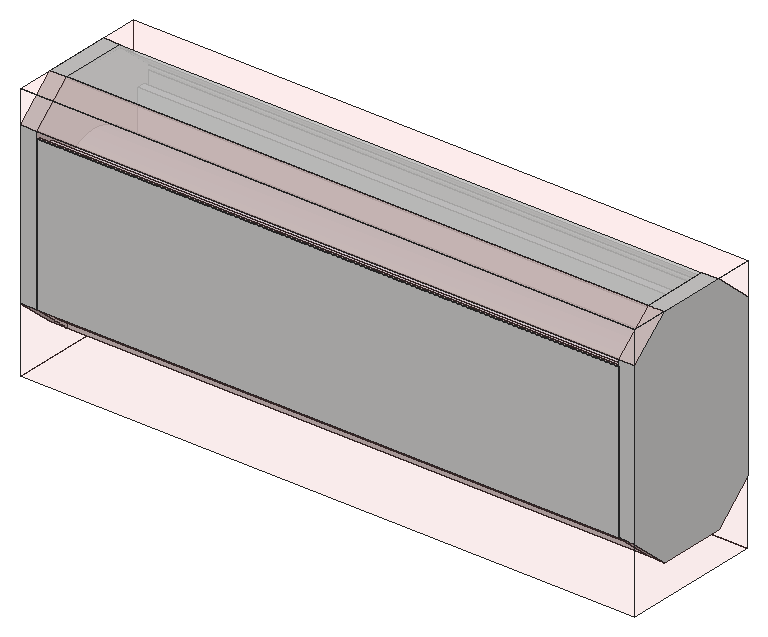
Revit family "Air-Curtain_Customer-Entry_PoweredAire_MP", category Mechanical Equipment, host Face, Revit 2016
Family settings
  Host = Face
  Part Type = Normal
  Round Connector Dimension = Use Diameter
  OmniClass Number = 23.75.35.17.21
  OmniClass Title = Air Curtains
  Cut with Voids When Loaded = No
  Shared = No
  Room Calculation Point = No
Parameters
  Warranty Duration (Years) = 0
  Unit Width Notes = "Other Widths available."  # constant formula
  Unit Width = 3' - 1"
  Unit Weight = 0
  Unit Height = 0' - 8 1/2"
  Unit Depth = 1' - 1 1/2"
  URL = "http://www.poweredaire.com/"
  Test Data = ""
  Standards Conformance = "as Specified"
  Specification = "http://www.arcat.com/sdspecs/htm04/23_34_33pai.htm"
  SpecWizard = ""
  Sound Pressure = "as Specified"
  Sales Information = "http://www.poweredaire.com/contact_us"
  Revision = "R1_2016-08"
  Projection from Host [instance] = 0' - 2"
  Product Properties = ""
  Product Data = "http://www.arcat.com/arcatcos/cos47/arc47623.html"
  Power Rating = 0 W
  Nozzle Width = if(1 = 1, Unit Width - 0' 2", 0' 0")  # 2' - 11"
  Mounting Width = if(1 = 1, Unit Width - 0' 1", 0' 0")  # 3' - 0"
  Mounting Height [instance] = 3' - 6"
  Motor RPM = 0
  Motor HP = 0
  Motor Count = 0
  Model = "As Specified"
  Max Height = 0' - 0"
  Manufacturer Website = "http://www.poweredaire.com/"
  Manufacturer Phone - Toll Free = "888-321-2473"
  Manufacturer Phone = "724-588-3305"
  Manufacturer Fax = "724-588-3371"
  Manufacturer Address = "109 Mortensen Rd.  Greenville, PA 16125"
  Manufacturer = "Powered Aire, Inc"
  Maintenance Schedule (Months) = 0
  Keynote = "23 34 33"
  Installation-Fabrication = ""
  Installation Phase = ""
  Include Clearance [instance] = yes
  Heating Element Load = 0 W
  HVAC_Temperature Rise = 0 °F
  HVAC_Outlet Volume = 0 CFM
  HVAC_Outlet Velocity Uniformity = 0
  HVAC_Outlet Velocity = 0 FPM
  Green Building-LEED = "http://www.arcat.com/green/clients/leed_data_47623.html"
  Front Grating Material [instance] = Metal - Steel - PoweredAire - Stainless 304 Perforated
  Frame Finish [instance] = Metal - Steel - PoweredAire - Stainless 304
  Expected Lifespan (Years) = 0
  Electrical_Wattage [instance] = Power Rating + Heating Element Load  # 0 W
  Electrical_Voltage [instance] = 0 V
  Electrical_Phase [instance] = 1
  Electrical_Frequency [instance] = 0 Hz
  Electrical_Amperage [instance] = 0 A
  Drawn By = "Sumex Design, Inc. / Robert S. Weygant, CSI, CDT, SCIP"
  Description = "Powered Aire Air Curtain as Specified"
  Default Elevation = 0' - 0"  # constant formula
  Copyright = "©Arcat Inc."
  Construction Details = "http://www.arcat.com/details/powair/prod3336.html"
  Clearance_Top [instance] = 0' - 0"
  Clearance_Side B [instance] = 0' - 0"
  Clearance_Side A [instance] = 0' - 0"
  Clearance_Intake [instance] = 0' - 0"
  Clearance_Bottom [instance] = 0' - 0"
  Clearance Material [instance] = ARCAT Clearance
  Building Codes = ""
  Available Options [instance] = "as Specified"
  Assembly Code = "D3090400"
Reference planes (in)
  plane 1 "Center (Elevation)": y = 0.13818
  plane 2: z = 0
  plane 3 "Center (Left/Right)": x = 0
  plane 4: y = 4.38818
  plane 5: y = -4.11182
  plane 6: x = -18.5
  plane 7: x = 18.5
  plane 8: z = 15.5
  plane 9 "FF": y = -41.86182
  plane 10: z = 2
  plane 11: x = 17.5
  plane 12: x = -17.5
  plane 13: y = 4.38818
  plane 14: y = -4.11182
  plane 15: x = -18.5
  plane 16: x = 18.5
  plane 17: z = 15.5
Forms (in)
  Extrusion 1, solid, material "Metal - Steel - PoweredAire - Stainless 304" <- "Frame Finish"
    sketch origin (0, 0, 0) x (0, 1, 0) y (0, 0, 1)
      loop
        line (2.13818, 2) -> (4.38818, 3.94454) -> (4.38818, 13.55546) -> (2.13818, 15.5) -> (-1.86182, 15.5) -> (-4.11182, 13.55546) -> (-4.11182, 3.94454) -> (-1.86182, 2) -> (2.13818, 2)
    from 17.5 to 18.5
  Extrusion 2, solid, material "Metal - Steel - PoweredAire - Stainless 304" <- "Frame Finish"
    sketch origin (0, 0, 0) x (0, 1, 0) y (0, 0, -1)
      loop
        line (2.13818, -2) -> (-1.86182, -2) -> (-4.11182, -3.94454) -> (-4.11182, -13.55546) -> (-1.86182, -15.5) -> (2.13818, -15.5) -> (4.38818, -13.55546) -> (4.38818, -3.94454) -> (2.13818, -2)
    from 17.5 to 18.5
  Extrusion 3, solid, material "Metal - Steel - PoweredAire - Stainless 304" <- "Frame Finish"
    sketch origin (0, 0, 0) x (0, 1, 0) y (0, 0, 1)
      loop
        line (-1.86182, 2) -> (2.13818, 2) -> (4.38818, 3.94454) -> (4.38818, 13.19454) -> (4.26318, 13.19454) -> (4.26318, 3.99632) -> (2.0979, 2.125) -> (-1.73682, 2.125) -> (-1.73682, 4.06954) -> (-3.98682, 4.06954) -> (-3.98682, 13.19454) -> (-4.11182, 13.19454) -> (-4.11182, 3.94454) -> (-1.86182, 3.94454) -> (-1.86182, 2)
      loop
        line (-3.39819, 3.61034) -> (-2.6202, 2.83235) -> (-2.49472, 2.95783) -> (-3.27271, 3.73583) -> (-3.39819, 3.61034)
    from -17.5 to 17.5
  Extrusion 4, solid, material "Metal - Steel - PoweredAire - Stainless 304 Perforated" <- "Front Grating Material"
    sketch origin (0, 0, 0) x (0, 1, 0) y (0, 0, 1)
      loop
        line (-4.11182, 13.19454) -> (-3.98682, 13.19454) -> (-3.98682, 13.50368) -> (-1.82155, 15.375) -> (2.0979, 15.375) -> (4.26318, 13.50368) -> (4.26318, 13.19454) -> (4.38818, 13.19454) -> (4.38818, 13.55546) -> (2.13818, 15.5) -> (-1.86182, 15.5) -> (-4.11182, 13.55546) -> (-4.11182, 13.19454)
    from -17.5 to 17.5
  Extrusion 5, solid, material "ARCAT Clearance" <- "Clearance Material", visible <- "Include Clearance"
    sketch origin (0, 0, 0) x (0, 1, 0) y (0, 0, 1)
      loop
        line (-4.11182, 15.5) -> (-4.11182, 0) -> (4.38818, 0) -> (4.38818, 15.5) -> (-4.11182, 15.5)
    from -18.5 to 18.5
  Extrusion 6, solid
    sketch origin (0, 0, 0) x (0, 1, 0) y (0, 0, 1)
      loop
        line (-3.59559, 12.66567) -> (-3.59559, 4.66567) -> (-3.09559, 4.66567) -> (-3.09559, 12.66567) -> (-3.59559, 12.66567)
      loop
        circle (0.13818, 9.1356) r 2.75
      loop
        line (3.87195, 12.66567) -> (3.37195, 12.66567) -> (3.37195, 4.66567) -> (3.87195, 4.66567) -> (3.87195, 12.66567)
    from -17.5 to 17.5
Dimensions and locks (in)
  equal spacing: plane 4, plane 1 "Center (Elevation)", plane 5
  "Unit Height": plane 4 to plane 5
  equal spacing: plane 6, plane 3 "Center (Left/Right)", plane 7
  "Unit Width": plane 6 to plane 7
  "Mounting Height": plane 1 "Center (Elevation)" to plane 9 "FF"
  "Projection from Host": plane 10 to level
  "Unit Depth": plane 8 to plane 10
  locked: plane 6 to plane 12 at 1
  locked: plane 11 to plane 7 at 1
  "Clearance_Side A": plane 7 to plane 16
  "Clearance_Side B": plane 15 to plane 6
  "Clearance_Top": plane 13 to plane 4
  "Clearance_Bottom": plane 5 to plane 14
  "Clearance_Intake": plane 17 to plane 8
  aligned and locked: plane 2 to host face
  aligned and locked: level to host face
  aligned and locked: plane 7 to Extrusion 1
  aligned and locked: Extrusion 1 to plane 11
  aligned and locked: plane 12 to Extrusion 2
  aligned and locked: Extrusion 2 to plane 6
  aligned and locked: plane 11 to Extrusion 3
  aligned and locked: Extrusion 3 to plane 12
  aligned and locked: plane 11 to Extrusion 4
  aligned and locked: Extrusion 4 to plane 12
  aligned and locked: Extrusion 5 sketch curve to plane 17
  aligned and locked: plane 14 to Extrusion 5 sketch curve
  aligned and locked: level to Extrusion 5 sketch curve
  aligned and locked: Extrusion 5 sketch curve to plane 13
  aligned and locked: plane 16 to Extrusion 5
  aligned and locked: Extrusion 5 to plane 15
  aligned and locked: plane 11 to Extrusion 6
  aligned and locked: Extrusion 6 to plane 12
Automatic sketch dimensions
  host sketch curve to host sketch curve = 8' - 0"  (x2)
  Extrusion 1 sketch curve to plane 5 = 0' - 0"
  Extrusion 1 sketch curve to plane 8 = 0' - 0"
  Extrusion 1 sketch curve to plane 4 = 0' - 0"
  plane 1 "Center (Elevation)" to Extrusion 1 sketch curve = 0' - 2"
  Extrusion 1 sketch curve to plane 1 "Center (Elevation)" = 0' - 2"  (x2)
  plane 10 to Extrusion 1 sketch curve = 0' - 1.94454"  (x2)
  Extrusion 1 sketch curve to plane 8 = 0' - 1.94454"  (x2)
  plane 5 to Extrusion 1 sketch curve = 0' - 2 1/4"
  Extrusion 1 sketch curve to plane 10 = 0' - 0"
  Extrusion 2 sketch curve to plane 5 = 0' - 0"
  Extrusion 2 sketch curve to plane 8 = 0' - 0"
  Extrusion 2 sketch curve to plane 10 = 0' - 0"
  Extrusion 2 sketch curve to plane 4 = 0' - 0"
  plane 1 "Center (Elevation)" to Extrusion 2 sketch curve = 0' - 2"
  Extrusion 2 sketch curve to plane 1 "Center (Elevation)" = 0' - 2"  (x2)
  Extrusion 2 sketch curve to plane 8 = 0' - 1.94454"  (x2)
  plane 10 to Extrusion 2 sketch curve = 0' - 1.94454"  (x2)
  plane 5 to Extrusion 2 sketch curve = 0' - 2 1/4"
  Extrusion 4 sketch curve to plane 5 = 0' - 0"
  Extrusion 4 sketch curve to plane 8 = 0' - 0"
  Extrusion 4 sketch curve to plane 4 = 0' - 0"
  plane 5 to Extrusion 4 sketch curve = 0' - 0 1/8"
  plane 1 "Center (Elevation)" to Extrusion 4 sketch curve = 0' - 2"
  Extrusion 4 sketch curve to Extrusion 4 sketch curve = 0' - 0.04027"  (x2)
  Extrusion 4 sketch curve to Extrusion 4 sketch curve = 0' - 0 1/8"
  Extrusion 4 sketch curve to plane 8 = 0' - 1.94454"  (x2)
  Extrusion 4 sketch curve to Extrusion 4 sketch curve = 0' - 0.05178"  (x2)
  Extrusion 4 sketch curve to Extrusion 4 sketch curve = 0' - 0.30914"  (x2)
  Extrusion 4 sketch curve to plane 8 = 0' - 0 1/8"
  Extrusion 4 sketch curve to plane 1 "Center (Elevation)" = 0' - 1.95973"
  Extrusion 3 sketch curve to plane 5 = 0' - 0"
  Extrusion 3 sketch curve to plane 4 = 0' - 0"
  plane 5 to Extrusion 3 sketch curve = 0' - 0 1/8"
  plane 5 to Extrusion 3 sketch curve = 0' - 0.71363"
  Extrusion 3 sketch curve to Extrusion 3 sketch curve = 0' - 0.12548"  (x2)
  Extrusion 3 sketch curve to Extrusion 3 sketch curve = 0' - 0.778"
  Extrusion 3 sketch curve to Extrusion 3 sketch curve = 0' - 0.63289"
  Extrusion 3 sketch curve to Extrusion 3 sketch curve = 0' - 0 1/8"  (x2)
  Extrusion 3 sketch curve to plane 4 = 0' - 0 1/8"
  plane 10 to Extrusion 3 sketch curve = 0' - 0.83235"
  Extrusion 3 sketch curve to Extrusion 3 sketch curve = 0' - 0.3342"
  plane 10 to Extrusion 3 sketch curve = 0' - 1.94454"
  Extrusion 3 sketch curve to Extrusion 3 sketch curve = 0' - 0.05178"
  Extrusion 3 sketch curve to plane 8 = 0' - 2.30546"  (x2)
  Extrusion 3 sketch curve to plane 1 "Center (Elevation)" = 0' - 2"
  plane 10 to Extrusion 3 sketch curve = 0' - 0 1/8"
  Extrusion 3 sketch curve to Extrusion 3 sketch curve = 0' - 0.04027"
  Extrusion 3 sketch curve to plane 10 = 0' - 0"
  Extrusion 6 sketch curve to plane 1 "Center (Elevation)" = 0' - 0"
  plane 5 to Extrusion 6 sketch curve = 0' - 1.01623"
  Extrusion 6 sketch curve to Extrusion 6 sketch curve = 0' - 0 1/2"  (x2)
  Extrusion 6 sketch curve to plane 4 = 0' - 1.01623"
  plane 10 to Extrusion 6 sketch curve = 0' - 2.66567"  (x2)
  Extrusion 6 sketch curve to Extrusion 6 sketch curve = 0' - 4.46993"
  Extrusion 6 sketch curve to plane 8 = 0' - 2.83433"  (x2)
  radius of Extrusion 6 sketch curve = 0' - 2 3/4"
Connectors (in)
  electrical at (0, 4.38818, 8.56954), driven by "Electrical_Phase", driven by "Electrical_Voltage"
    settings: on Extrusion 3, index 1, voltage 0 V, apparent load 0 VA, apparent load phase1 0 VA, apparent load phase2 0 VA, apparent load phase3 0 VA, power factor 1, load classification "Motor", number of poles 1, system type 31, power factor state 1, is connector primary yes, connector utility no, sub classification motor no, connector description ""
